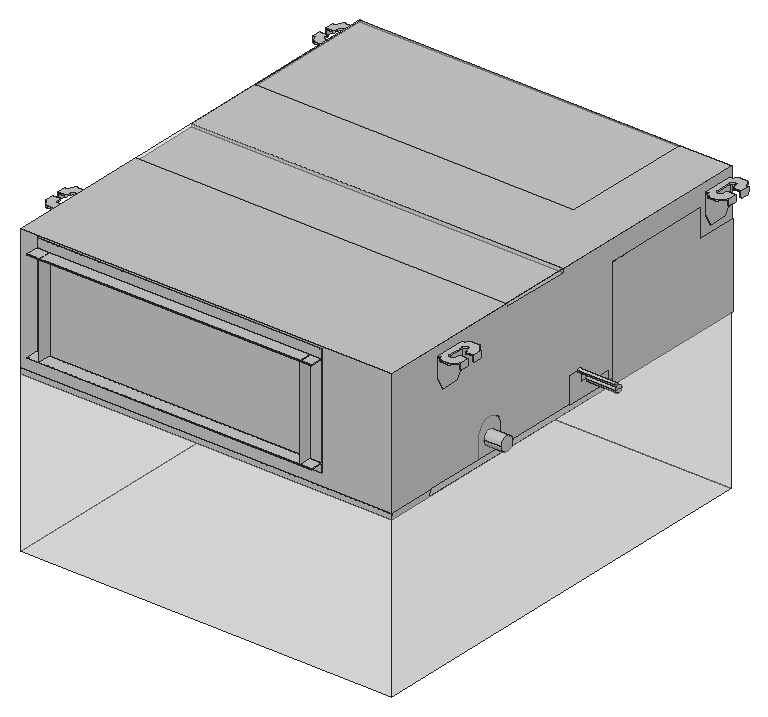
Revit family "outputfile", category 機械設備, Revit 2024
Family settings
  丸型コネクタ寸法 = 半径を使用
  パーツ タイプ = 標準
  OmniClass 番号 = 23.75.10.24.21.27.27
  OmniClass タイトル = Split System Air Conditioning Units
  作業面ベース = いいえ
  常に垂直 = はい
  ロード時にボイドで切り取り = いいえ
  注釈の向きを維持 = いいえ
  共有 = いいえ
  部屋計算ポイント = はい
Parameters (values of type "FXDBQ50AVMS")
  Description = ""
  書き出し IFC クラス(タイプ) = "IfcUnitaryEquipmentType"
  定義済み IFC タイプ(タイプ) = "AIRCONDITIONINGUNIT"
  Cost = 0
  Type Comments = ""
  Keynote = ""
  Type Image = (empty or 0)
  Assembly Code = ""
  lh_liquidpipe = [h***] + 60.0 mm  # 60.0 mm
  lh_RA [instance] = if(Rear Connection_Return Air, 125.25 mm + [h***], 245.0 mm + [h***])  # 125.25 mm
  ld_RA_length [instance] = if(Rear Connection_Return Air, 245.0 mm, 126.0 mm)  # 245.0 mm
  l_liquidpipe_length [instance] = 421.0 mm
  l_gaspipe_length [instance] = 408.0 mm
  l_drainpipe_length [instance] = 383.0 mm
  angle_vertica [instance] = 90.00°
  angle horizontal [instance] = if(Right Connection_refrigerant, 180.00°, 0.00°)  # 180.00°
  URL = ""
  Right Connection_refrigerant [instance] = yes
  製造元 = "Daikin"
  モデル = "FXDBQ50AVMS"
  w_pipe = 33.0 mm
  r_Liquid Pipe Size = Liquid Pipe Size / 2  # 3.2 mm
  r_Gas Pipe Size = Gas Pipe Size / 2  # 6.35 mm
  r_Drain Pipe Size = Drain Pipe Size / 2  # 12.5 mm
  lw_powersupply = 304.0 mm
  lw_ductflange2 = 602.0 mm
  lw_Width = 535.0 mm
  lh_suctionflange [instance] = 125.25 mm
  ld_suctionflange [instance] = if(Rear Connection_Return Air, 190.0 mm, 100.0 mm)  # 190.0 mm
  ld_powersupply = 60.0 mm
  angle_vertical_RA [instance] = if(Rear Connection_Return Air, 90.00°, 0.00°)  # 90.00°
  angle horizontal_RA [instance] = if(Rear Connection_Return Air, 180.00°, 270.00°)  # 180.00°
  Voltage_comment_50Hz = "220-240"
  Voltage_50Hz = 230 V
  Supply Air Direction [instance] = yes
  Sound Power Level_H speed (dB) = 0
  Rear Connection_Return Air [instance] = not(Bottom Connection_Return Air)  # yes
  RA_length [instance] = 245.0 mm  # constant formula
  Phase_50Hz = 1
  Minimum External Static Pressure = 15.00 Pa
  Minimum Circuit Amps_50Hz = 1.1 A
  Maximum Fuse Amps_50Hz = 16.0 A
  Maximum External Static Pressure = 50.00 Pa
  Material_Casing = DAIKIN_GalvanizedSteel_Casing_indoorunit
  lw_liquidpipe = 71.0 mm  # constant formula
  lw_gaspipe = 58.0 mm  # constant formula
  lw_mountinghole_pitch = 738.0 mm
  lw_mountinghole = 20.0 mm  # constant formula
  lw_drainpipe = 33.0 mm  # constant formula
  lh_powersupply = 10.0 mm
  lh_gaspipe = [h***] + 38.0 mm  # 38.0 mm
  lh_mountinghole = Height - 15.0 mm + [h***]  # 230.0 mm
  lh_drainpipe = 150.0 mm
  lh_antena = 16.0 mm  # constant formula
  ld_liquidpipe = 193.0 mm  # constant formula
  ld_gaspipe = 130.0 mm  # constant formula
  ld_mountinghole_pitch = 630.0 mm  # constant formula
  ld_drainpipe = 280.0 mm
  ld_controlbox = 626.0 mm  # constant formula
  h*** = 0.0 mm  # constant formula
  d_dischargeflange = 25.0 mm  # constant formula
  Width = 700.0 mm
  Version = "ver.1.0"
  Unit Type = "Bedroom Duct Type"
  Unit Mass Weight = 26.00 kg
  Unit Designation [instance] = ""
  Uniclass2015Version = "Products v1.30"
  Uniclass2015Title = "Variable refrigerant flow units"
  Uniclass2015Code = "Pr_70_65_03_94"
  Total Heating Capacity [instance] = 0.000 kW
  Total Cooling Capacity [instance] = 0.000 kW
  Sound Pressure Level_M speed (dBA) = 0
  Sound Pressure Level_L speed (dBA) = 28
  Sound Pressure Level_H speed (dBA) = 37
  Series = "VRV Fan Coil Unit"
  Sensible Cooling Capacity [instance] = 0.000 kW
  SA Duct Size Width = 490.0 mm
  SA Duct Size Height = 174.0 mm
  Refrigerant Type = "R410A"
  RA Duct Size Width = 562.0 mm
  RA Duct Size Height [instance] = if(Rear Connection_Return Air, 202.6 mm, 204.0 mm)  # 202.6 mm
  Power Input (Heating) = 0.080 kW
  Power Input (Cooling) = 0.080 kW
  Option Accessory 3 [instance] = ""
  Option Accessory 2 [instance] = ""
  Option Accessory 1 [instance] = ""
  Nominal Heating Capacity = 6.300 kW
  Nominal Cooling Capacity = 5.600 kW
  Minimum Airflow = 540.00 m³/h
  Median Airflow = 690.00 m³/h
  Maximum Airflow = 888.00 m³/h
  Load Classification = HVAC
  Liquid Pipe Size = 6.4 mm
  Link_Nested Family [instance] = ""
  Left Connection_refrigerant [instance] = no
  IfcVersion = "0"
  IfcExportType = "AIRCONDITIONINGUNIT"
  IfcExportAs = "IfcUnitaryEquipmentType"
  Height = 245.0 mm
  Heating Entering Wet Bulb Temperature [instance] = 0.00 °C
  Heating Entering Dry Bulb Temperature [instance] = 0.00 °C
  Heating Ambient Wet Bulb Temperature [instance] = 0.00 °C
  Heating Ambient Dry Bulb Temperature [instance] = 0.00 °C
  Heat Exchanger Type = "Cross Fin Coil"
  Gas Pipe Size = 12.7 mm
  Frequency_50Hz = 50 Hz
  Fan Type = "Sirocco Fan"
  Fan Drive = "Direct Drive"
  FCU Tag No. [instance] = ""
  Drain Pipe Size = 25.0 mm
  Design Supply Airflow [instance] = 0.00 m³/h
  Design Return Airflow [instance] = 0.00 m³/h
  Design External Static Pressure [instance] = 0.00 Pa
  Depth = 800.0 mm
  既定の高さ = 0.0 mm
  Cooling Entering Wet Bulb Temperature [instance] = 0.00 °C
  Cooling Entering Dry Bulb Temperature [instance] = 0.00 °C
  Cooling Ambient Wet Bulb Temperature [instance] = 0.00 °C
  Cooling Ambient Dry Bulb Temperature [instance] = 0.00 °C
  Clearance visibility [instance] = yes
  Clearance Top = 0.0 mm
  Clearance Right = 0.0 mm
  Clearance Rear = 0.0 mm
  Clearance Left = 0.0 mm
  Clearance Front = 0.0 mm
  Clearance Bottom = 300.0 mm
  Bottom Connection_Return Air [instance] = no
Reference planes
  plane 1 "Center (Front/Back)": y = 0
  plane 2: z = 0
  plane 3 "Center (Left/Right)": x = 0
  plane 4 "Back": y = 400
  plane 5 "Front": y = -400
  plane 6 "Left": x = -350
  plane 7 "Right": x = 350
  plane 8 "Top": z = 0
  plane 9 "Bottom": z = -245
  plane 10: x = 330
  plane 11: x = -330
  plane 12: z = -235
  plane 13: z = -6
  plane 14: z = -67
  plane 15: z = -185
  plane 16: z = -207
  plane 17: x = -304
  plane 18: x = 304
  plane 19: x = -369
  plane 20: x = 369
  plane 21: x = -389
  plane 22: x = 390
  plane 23: x = 421
  plane 24: x = 408
  plane 25: x = 383
  plane 26: z = -15
  plane 27: z = -95
  plane 28 "Clearance Left": x = -350
  plane 29 "Clearance Right": x = 350
  plane 30 "Clearance Rear": y = 400
  plane 31 "Clearance Front": y = -400
  plane 32 "Clearance Top": z = 0
  plane 33 "Clearance Bottom": z = -545
  plane 34: z = -21
  plane 35: z = -206
  plane 36: z = -141.5
  plane 37: x = -40
  plane 38: y = 61
  plane 39: y = 39
  plane 40: y = -30
  plane 41: y = -171
  plane 42: z = -97.5
  plane 43: y = -400
  plane 44: x = -349
  plane 45: z = -145
  plane 46: z = -355
  plane 47: y = 210
  plane 48: z = 331
  plane 49: z = -244
  plane 50: y = 210
  plane 51: z = -146
  plane 52: x = 383
  plane 53: x = 345
  plane 54: x = 355
  plane 55: x = 351
  plane 56: x = 251
  plane 57: x = 349.004
  plane 58: x = -349
  plane 59: x = 304
  plane 60: z = -108
  plane 61: z = -234
  plane 62: x = -317
  plane 63: z = -3
  plane 64: x = -49.5
  plane 65: z = -1
  plane 66: y = 155
  plane 67: x = -50
  plane 68: y = -266
  plane 69: y = 364
  plane 70: z = -15
  plane 71: z = -185
  plane 72: z = -207
  plane 73: x = -383
  plane 74: x = -351
  plane 75: x = -421
  plane 76: x = -408
  plane 77: y = 280.25
  plane 78: z = 125.25
  plane 79: y = 117.5
  plane 80: z = -36.4
  plane 81: y = 399
Forms (mm)
  Extrusion 1, solid
    sketch origin (0, 0, 0) x (1, 0, 0) y (0, 0, 1)
      loop
        line (-350, -235) -> (-350, -245) -> (350, -245) -> (350, -235) -> (-350, -235)
    from -116.5 to 310
  Extrusion 2, solid, material "DAIKIN_GalvanizedSteel_Casing_indoorunit" <- "Material_Casing"
    sketch origin (0, 0, 0) x (1, 0, 0) y (0, 1, 0)
      loop
        line (-350, -400) -> (350, -400) -> (350, 400) -> (-350, 400) -> (-350, -400)
    from -245 to 0
  Extrusion 3, void
    sketch origin (0, 0, 1) x (1, 0, 0) y (0, 1, 0)
      loop
        line (-350, -128.821) -> (350, -128.821) -> (350, 4.179) -> (-350, 4.179) -> (-350, -128.821)
    from -1 to -7
  Revolve 4, solid, material "DAIKIN_GalvanizedSteel_Casing_indoorunit" <- "Material_Casing"
    sketch origin (0, 0, -207) x (0, -1, 0) y (1, 0, 0)
      loop
        line (-67.35, 351) -> (-61, 351) -> (-61, 408) -> (-67.35, 408) -> (-67.35, 351)
      axis (-61, 351) -> (-61, 408)
    angle from 0 to 360
  Revolve 5, solid, material "DAIKIN_GalvanizedSteel_Casing_indoorunit" <- "Material_Casing"
    sketch origin (0, 0, -185) x (0, -1, 0) y (1, 0, 0)
      loop
        line (-39, 351) -> (-39, 421) -> (-42.2, 421) -> (-42.2, 351) -> (-39, 351)
      axis (-39, 421) -> (-39, 351)
    angle from 0 to 360
  Extrusion 6, solid, material "DAIKIN_GalvanizedSteel_Casing_indoorunit" <- "Material_Casing"
    sketch origin (0, 0, 0) x (0, 1, 0) y (0, 0, 1)
      loop
        circle (-171, -206) r 13
    from 383 to 349.004
  Extrusion 7, solid, material "DAIKIN_GalvanizedSteel_Casing_indoorunit" <- "Material_Casing"
    sketch origin (0, 0, 0) x (1, 0, 0) y (0, 0, 1)
      loop
        line (-350, -235) -> (-350, -245) -> (350, -245) -> (350, -235) -> (-350, -235)
    from -116.5 to 400
  Extrusion 8, void
    sketch origin (0, 0, 0) x (1, 0, 0) y (0, 0, 1)
      loop
        line (251, 0) -> (-349, 0) -> (-349, -1) -> (251, -1) -> (251, 0)
    from -400 to -152.5
  Extrusion 9, solid, material "DAIKIN_GalvanizedSteel_Casing_indoorunit" <- "Material_Casing", visible <- "Rear Connection_Return Air"
    sketch origin (0, 0, 0) x (1, 0, 0) y (0, 1, 0)
      loop
        line (-349, 400) -> (-349, 152.5) -> (251, 152.5) -> (251, 400) -> (-349, 400)
    from -245 to -244
  Extrusion 10, solid, material "DAIKIN_GalvanizedSteel_Casing_indoorunit" <- "Material_Casing", visible <- "Bottom Connection_Return Air"
    sketch origin (0, 0, 0) x (1, 0, 0) y (0, 0, 1)
      loop
        line (251, -1) -> (-349, -1) -> (-349, -245) -> (251, -245) -> (251, -1)
    from -400 to -399
  Extrusion 11, void
    sketch origin (0, 0, 0) x (0, 1, 0) y (0, 0, 1)
      loop
        arc (-143.5, -198.721) -> (-171, -171.221) -> (-198.5, -198.721) r 27.5
        line (-198.5, -198.721) -> (-198.5, -235) -> (-143.5, -235) -> (-143.5, -198.721)
    from 349.004 to 350
  Extrusion 12, solid, material "DAIKIN_GalvanizedSteel_Casing_indoorunit" <- "Material_Casing"
    sketch origin (0, 0, 0) x (0, 1, 0) y (0, 0, 1)
      loop
        line (35.8, -185) -> (16.8, -185) -> (16.8, -235) -> (107.3, -235) -> (107.3, -217) -> (67.3, -217) -> (67.3, -207)
        arc (67.3, -207) -> (60.975, -213.325) -> (54.65, -207) r 6.325
        line (54.65, -207) -> (42.2, -207) -> (42.2, -185)
        arc (42.2, -185) -> (39, -188.2) -> (35.8, -185) r 3.2
    from 350 to 351
  Extrusion 13, void
    sketch origin (0, 0, 0) x (0, 1, 0) y (0, 0, -1)
      loop
        line (-143.5, 198.721) -> (-143.5, 235) -> (-198.5, 235) -> (-198.5, 198.721)
        arc (-198.5, 198.721) -> (-171, 171.221) -> (-143.5, 198.721) r 27.5
    from 349 to 350
  Extrusion 14, solid, material "DAIKIN_GalvanizedSteel_Casing_indoorunit" <- "Material_Casing"
    sketch origin (0, 0, 0) x (0, 1, 0) y (0, 0, -1)
      loop
        circle (-171, 206) r 13
    from 383 to 349
  Extrusion 15, solid, material "DAIKIN_GalvanizedSteel_Casing_indoorunit" <- "Material_Casing"
    sketch origin (0, 0, 0) x (0, 1, 0) y (0, 0, -1)
      loop
        arc (35.8, 185) -> (39, 188.2) -> (42.2, 185) r 3.2
        line (42.2, 185) -> (42.2, 207) -> (54.65, 207)
        arc (54.65, 207) -> (60.975, 213.325) -> (67.3, 207) r 6.325
        line (67.3, 207) -> (67.3, 217) -> (107.3, 217) -> (107.3, 235) -> (16.8, 235) -> (16.8, 185) -> (35.8, 185)
    from 350 to 351
  Revolve 16, solid, material "DAIKIN_GalvanizedSteel_Casing_indoorunit" <- "Material_Casing"
    sketch origin (0, 0, -185) x (0, -1, 0) y (1, 0, 0)
      loop
        line (-39, -351) -> (-42.2, -351) -> (-42.2, -421) -> (-39, -421) -> (-39, -351)
      axis (-39, -421) -> (-39, -351)
    angle from 0 to 360
  Revolve 17, solid, material "DAIKIN_GalvanizedSteel_Casing_indoorunit" <- "Material_Casing"
    sketch origin (0, 0, -207) x (0, -1, 0) y (1, 0, 0)
      loop
        line (-67.35, -351) -> (-67.35, -408) -> (-61, -408) -> (-61, -351) -> (-67.35, -351)
      axis (-61, -351) -> (-61, -408)
    angle from 0 to 360
  Extrusion 18, solid, material "DAIKIN_GalvanizedSteel_Casing_indoorunit" <- "Material_Casing"
    sketch origin (0, 0, 0) x (0, 1, 0) y (0, 0, 1)
      loop
        line (117.5, -36.4) -> (117.5, -245) -> (400, -245) -> (400, -88) -> (322.4, -88) -> (322.4, -36.4) -> (117.5, -36.4)
    from 351 to 350
Cuts and joins
  Extrusion 3, Extrusion 8, Extrusion 11, Extrusion 13 cuts Extrusion 2
  Extrusion 8, Extrusion 11, Extrusion 13 cuts Extrusion 7
Dimensions and locks
  "lh_powersupply": plane 12 to plane 9 "Bottom"
  locked: plane 8 "Top" to plane 13 at 6
  "Height": plane 8 "Top" to plane 9 "Bottom"
  equal spacing: plane 17, plane 3 "Center (Left/Right)", plane 18, locked at 304 each
  locked: plane 17 to plane 18 at 608
  equal spacing: plane 19, plane 3 "Center (Left/Right)", plane 20
  "lw_mountinghole_pitch": plane 19 to plane 20
  locked: plane 14 to plane 9 "Bottom" at 178
  "lw_mountinghole": plane 21 to plane 19
  locked: plane 15 to plane 9 "Bottom" at 60
  "lh_gaspipe": plane 16 to plane 9 "Bottom"
  "lh_mountinghole": plane 26 to plane 9 "Bottom"
  equal spacing: plane 6 "Left", plane 3 "Center (Left/Right)", plane 7 "Right"
  "Width": plane 6 "Left" to plane 7 "Right"
  "lh_drainpipe": plane 27 to plane 9 "Bottom"
  "Clearance Right": plane 7 "Right" to plane 29 "Clearance Right"
  "Clearance Left": plane 28 "Clearance Left" to plane 6 "Left"
  "lw_gaspipe": plane 7 "Right" to plane 24
  "lw_liquidpipe": plane 7 "Right" to plane 23
  "lw_drainpipe": plane 7 "Right" to plane 25
  "Clearance Rear": plane 30 "Clearance Rear" to plane 4 "Back"
  "Clearance Front": plane 5 "Front" to plane 31 "Clearance Front"
  "Clearance Top": plane 32 "Clearance Top" to plane 8 "Top"
  "Clearance Bottom": plane 9 "Bottom" to plane 33 "Clearance Bottom"
  locked: plane 8 "Top" to plane 34 at 21
  locked: plane 8 "Top" to plane 35 at 206
  locked: plane 36 to plane 9 "Bottom" at 103.5
  locked: plane 34 to plane 42 at 76.5
  locked: plane 44 to plane 6 "Left" at 1
  locked: plane 12 to plane 45 at 90
  locked: plane 46 to plane 33 "Clearance Bottom" at 190
  plane 48 to plane 26 = 346.0 mm
  locked: plane 49 to plane 9 "Bottom" at 1
  "ld_suctionflange": plane 4 "Back" to plane 50
  locked: plane 51 to plane 9 "Bottom" at 99
  locked: plane 7 "Right" to plane 52 at 33
  locked: plane 53 to plane 7 "Right" at 5
  locked: plane 7 "Right" to plane 54 at 5
  locked: plane 7 "Right" to plane 55 at 1
  plane 7 "Right" to plane 56 = 99.0 mm
  locked: plane 7 "Right" to plane 57 at 0.996
  locked: plane 58 to plane 6 "Left" at 1
  "lw_powersupply": plane 3 "Center (Left/Right)" to plane 59
  locked: plane 61 to plane 9 "Bottom" at 11
  locked: plane 6 "Left" to plane 62 at 33
  locked: plane 8 "Top" to plane 63 at 3
  locked: plane 8 "Top" to plane 65 at 1
  plane 66 to plane 4 "Back" = 245.0 mm
  "ld_mountinghole_pitch": plane 69 to plane 68
  locked: plane 8 "Top" to plane 70 at 15
  "Depth": plane 4 "Back" to plane 43
  equal spacing: plane 4 "Back", plane 1 "Center (Front/Back)", plane 43, locked at 400 each
  locked: plane 31 "Clearance Front" to plane 41 at 229
  locked: plane 31 "Clearance Front" to plane 39 at 439
  locked: plane 39 to plane 38 at 22
  locked: plane 8 "Top" to plane 71 at 185
  locked: plane 71 to plane 72 at 22
  locked: plane 60 to plane 9 "Bottom" at 137
  plane 72 to plane 9 "Bottom" = 38.0 mm
  locked: plane 73 to plane 6 "Left" at 33
  locked: plane 74 to plane 6 "Left" at 1
  locked: plane 75 to plane 6 "Left" at 71
  locked: plane 76 to plane 6 "Left" at 58
  "r_Liquid Pipe Size": Revolve 5 sketch curve to Revolve 5 sketch curve
  "r_Gas Pipe Size": Revolve 4 sketch curve to Revolve 4 sketch curve
  "lh_suctionflange": plane 78 to level
  "r_Liquid Pipe Size": Revolve 16 sketch curve to Revolve 16 sketch curve
  "r_Gas Pipe Size": Revolve 17 sketch curve to Revolve 17 sketch curve
  locked: plane 68 to plane 43 at 134
  "ld_RA_length": plane 30 "Clearance Rear" to plane 66
  locked: plane 30 "Clearance Rear" to Extrusion 9 sketch curve at 247.5
  locked: plane 79 to plane 30 "Clearance Rear" at 282.5
  locked: plane 80 to plane 9 "Bottom" at 208.6
  locked: Extrusion 18 sketch curve to Extrusion 18 sketch curve at 51.6
  locked: Extrusion 18 sketch curve to nested 8 at 77.6
  locked: plane 4 "Back" to plane 81 at 1
  aligned and locked: level to plane 2
  aligned and locked: Extrusion 2 to plane 9 "Bottom"
  aligned and locked: plane 8 "Top" to Extrusion 2
  aligned and locked: Revolve 4 sketch curve to Revolve 4 sketch curve
  aligned and locked: plane 20 to nested 2
  aligned and locked: plane 19 to nested 3
  aligned and locked: plane 19 to nested 4
  aligned and locked: nested 7 to plane 12
  aligned and locked: Extrusion 7 to plane 9 "Bottom"
  aligned and locked: Extrusion 6 sketch curve to plane 41
  aligned and locked: plane 4 "Back" to Extrusion 8
  aligned and locked: plane 8 "Top" to Extrusion 3
  aligned and locked: plane 9 "Bottom" to Extrusion 9  (x2)
  aligned and locked: Extrusion 9 to plane 49
  aligned and locked: Extrusion 8 to level
  aligned and locked: plane 30 "Clearance Rear" to nested 8
  aligned and locked: plane 29 "Clearance Right" to nested 8
  aligned and locked: plane 28 "Clearance Left" to nested 8
  aligned and locked: nested 8 to plane 32 "Clearance Top"
  aligned and locked: nested 8 to plane 33 "Clearance Bottom"
  aligned and locked: Extrusion 3 to plane 13
  aligned and locked: plane 7 "Right" to cut or joined group of Extrusion 2, Extrusion 3, Extrusion 8, Extrusion 11, Extrusion 13  (x2)
  aligned and locked: plane 52 to Extrusion 6
  aligned and locked: plane 56 to Extrusion 8 sketch curve
  aligned and locked: Extrusion 9 to plane 56
  aligned and locked: cut or joined group of Extrusion 2, Extrusion 3, Extrusion 8, Extrusion 11, Extrusion 13 to plane 43
  aligned and locked: nested 7 to plane 59
  aligned and locked: nested 6 to plane 1 "Center (Front/Back)"
  aligned and locked: plane 3 "Center (Left/Right)" to nested 6
  aligned and locked: plane 60 to nested 5  (x2)
  aligned and locked: nested 10 to plane 62
  aligned and locked: nested 10 to plane 63
  aligned and locked: plane 64 to nested 5
  aligned and locked: nested 11 to plane 58
  aligned and locked: plane 4 "Back" to nested 11
  aligned and locked: plane 65 to nested 11
  aligned and locked: plane 4 "Back" to Extrusion 10
  aligned and locked: plane 65 to Extrusion 10
  aligned and locked: Extrusion 10 to plane 9 "Bottom"
  aligned and locked: Extrusion 10 to plane 56
  aligned and locked: plane 4 "Back" to nested 7
  aligned and locked: nested 13 to plane 68
  aligned and locked: plane 6 "Left" to nested 13
  aligned and locked: plane 68 to nested 12
  aligned and locked: nested 12 to plane 7 "Right"
  aligned and locked: nested 15 to plane 69
  aligned and locked: plane 6 "Left" to nested 15
  aligned and locked: plane 69 to nested 14
  aligned and locked: nested 14 to plane 7 "Right"
  aligned and locked: plane 70 to nested 13
  aligned and locked: plane 70 to nested 15
  aligned and locked: plane 20 to nested 1
  aligned and locked: nested 1 to plane 69
  aligned and locked: nested 4 to plane 69
  aligned and locked: nested 3 to plane 68
  aligned and locked: nested 2 to plane 68
  aligned and locked: cut or joined group of Extrusion 2, Extrusion 3, Extrusion 8, Extrusion 11, Extrusion 13 to plane 57
  aligned and locked: Extrusion 6 to plane 57
  aligned and locked: nested 5 to plane 64
  aligned and locked: nested 5 to plane 43
  aligned and locked: cut or joined group of Extrusion 7, Extrusion 8, Extrusion 11, Extrusion 13 to plane 43
  aligned and locked: plane 7 "Right" to Extrusion 12
  aligned and locked: plane 55 to Extrusion 12
  aligned and locked: plane 71 to Revolve 5
  aligned and locked: plane 72 to Revolve 4
  aligned and locked: plane 72 to Extrusion 12
  aligned and locked: Extrusion 12 to plane 12
  aligned and locked: plane 71 to Extrusion 12
  aligned and locked: cut or joined group of Extrusion 2, Extrusion 3, Extrusion 8, Extrusion 11, Extrusion 13 to plane 6 "Left"  (x2)
  aligned and locked: plane 58 to cut or joined group of Extrusion 2, Extrusion 3, Extrusion 8, Extrusion 11, Extrusion 13
  aligned and locked: plane 58 to Extrusion 14
  aligned and locked: Extrusion 14 to plane 73
  aligned and locked: plane 6 "Left" to Extrusion 15
  aligned and locked: Extrusion 15 to plane 74
  aligned and locked: Revolve 16 to plane 74
  aligned and locked: Revolve 16 to plane 75
  aligned and locked: Revolve 17 sketch curve to Revolve 17 sketch curve
  aligned and locked: Revolve 17 to plane 74
  aligned and locked: Revolve 17 to plane 76
  aligned and locked: nested 16 to plane 39
  aligned and locked: nested 17 to plane 38
  aligned and locked: nested 17 to plane 3 "Center (Left/Right)"
  aligned and locked: plane 71 to Revolve 16
  aligned and locked: plane 72 to Revolve 17
  aligned and locked: plane 43 to nested 10
  aligned and locked: nested 8 to plane 43
  aligned and locked: nested 18 to plane 41
  aligned and locked: plane 3 "Center (Left/Right)" to nested 18
  aligned and locked: plane 35 to nested 18
  aligned and locked: nested 9 to plane 67  (x2)
  aligned and locked: plane 70 to nested 12
  aligned and locked: plane 70 to nested 14
  aligned and locked: nested 9 to plane 66
  aligned and locked: plane 29 "Clearance Right" to Extrusion 18
  aligned and locked: plane 55 to Extrusion 18
  aligned and locked: plane 80 to Extrusion 18
  aligned and locked: plane 79 to Extrusion 18
  aligned and locked: nested 19 to plane 9 "Bottom"
  aligned and locked: nested 19 to plane 56
  aligned and locked: nested 19 to plane 81
  aligned and locked: level to plane 8 "Top"
Automatic sketch dimensions
  Extrusion 1 sketch curve to plane 6 "Left" = 0.0 mm
  Extrusion 1 sketch curve to plane 7 "Right" = 0.0 mm
  Extrusion 1 sketch curve to plane 9 "Bottom" = 0.0 mm
  Extrusion 1 sketch curve to plane 12 = 0.0 mm
  Extrusion 2 sketch curve to plane 4 "Back" = 0.0 mm
  Extrusion 2 sketch curve to plane 6 "Left" = 0.0 mm
  Extrusion 2 sketch curve to plane 7 "Right" = 0.0 mm
  Extrusion 2 sketch curve to plane 43 = 0.0 mm
  Extrusion 3 sketch curve to plane 6 "Left" = 0.0 mm
  Extrusion 3 sketch curve to plane 7 "Right" = 0.0 mm
  plane 41 to Extrusion 3 sketch curve = 42.179 mm
  Extrusion 3 sketch curve to plane 1 "Center (Front/Back)" = 4.179 mm
  Revolve 4 sketch curve to plane 24 = 0.0 mm
  Revolve 4 sketch curve to plane 38 = 0.0 mm
  Revolve 4 sketch curve to plane 55 = 0.0 mm
  plane 55 to Revolve 4 sketch curve = 1.003 mm
  plane 24 to Revolve 4 sketch curve = 1.003 mm
  Revolve 5 sketch curve to plane 39 = 0.0 mm  (x2)
  Revolve 5 sketch curve to plane 23 = 0.0 mm  (x2)
  Revolve 5 sketch curve to plane 55 = 0.0 mm  (x2)
  Extrusion 6 sketch curve to plane 35 = 0.0 mm
  Extrusion 7 sketch curve to plane 6 "Left" = 0.0 mm
  Extrusion 7 sketch curve to plane 7 "Right" = 0.0 mm
  Extrusion 7 sketch curve to plane 9 "Bottom" = 0.0 mm
  Extrusion 7 sketch curve to plane 12 = 0.0 mm
  Extrusion 9 sketch curve to plane 44 = 0.0 mm
  Extrusion 9 sketch curve to plane 4 "Back" = 0.0 mm
  Extrusion 9 sketch curve to plane 56 = 0.0 mm
  Extrusion 10 sketch curve to plane 44 = 0.0 mm
  Extrusion 10 sketch curve to plane 9 "Bottom" = 0.0 mm
  Extrusion 10 sketch curve to plane 56 = 0.0 mm
  Extrusion 10 sketch curve to plane 65 = 0.0 mm
  Extrusion 11 sketch curve to plane 12 = 0.0 mm
  Extrusion 11 sketch curve to plane 41 = 0.0 mm
  Extrusion 11 sketch curve to plane 41 = 27.5 mm
  plane 35 to Extrusion 11 sketch curve = 7.279 mm
  Extrusion 12 sketch curve to plane 15 = 0.0 mm
  Extrusion 12 sketch curve to plane 12 = 0.0 mm
  Extrusion 12 sketch curve to plane 39 = 0.0 mm
  Extrusion 12 sketch curve to plane 72 = 0.0 mm
  Extrusion 12 sketch curve to Extrusion 12 sketch curve = 3.2 mm
  Extrusion 12 sketch curve to plane 1 "Center (Front/Back)" = 16.8 mm
  Extrusion 12 sketch curve to plane 38 = 6.35 mm
  Extrusion 12 sketch curve to plane 38 = 0.025 mm
  Extrusion 12 sketch curve to Extrusion 12 sketch curve = 40.0 mm
  Extrusion 12 sketch curve to Extrusion 12 sketch curve = 10.0 mm
  Extrusion 13 sketch curve to plane 12 = 0.0 mm
  Extrusion 13 sketch curve to plane 41 = 0.0 mm
  Extrusion 13 sketch curve to plane 41 = 27.5 mm
  plane 35 to Extrusion 13 sketch curve = 7.279 mm
  Extrusion 14 sketch curve to plane 35 = 0.0 mm
  Extrusion 14 sketch curve to plane 41 = 0.0 mm
  Extrusion 15 sketch curve to plane 15 = 0.0 mm
  Extrusion 15 sketch curve to plane 12 = 0.0 mm
  Extrusion 15 sketch curve to plane 39 = 0.0 mm
  Extrusion 15 sketch curve to plane 72 = 0.0 mm
  Extrusion 15 sketch curve to Extrusion 15 sketch curve = 3.2 mm
  Extrusion 15 sketch curve to plane 1 "Center (Front/Back)" = 16.8 mm
  Extrusion 15 sketch curve to plane 38 = 6.35 mm
  Extrusion 15 sketch curve to plane 38 = 0.025 mm
  Extrusion 15 sketch curve to Extrusion 15 sketch curve = 40.0 mm
  Extrusion 15 sketch curve to Extrusion 15 sketch curve = 10.0 mm
  Revolve 16 sketch curve to plane 74 = 0.0 mm  (x2)
  Revolve 16 sketch curve to plane 75 = 0.0 mm  (x2)
  Revolve 16 sketch curve to plane 39 = 0.0 mm  (x2)
  Revolve 17 sketch curve to plane 74 = 0.0 mm
  Revolve 17 sketch curve to plane 38 = 0.0 mm
  plane 75 to Revolve 17 sketch curve = 13.0 mm
  Revolve 17 sketch curve to plane 74 = 1.003 mm
  Revolve 17 sketch curve to Revolve 17 sketch curve = 1.003 mm
  Extrusion 8 sketch curve to plane 44 = 0.0 mm
  Extrusion 8 sketch curve to level = 0.0 mm
  Extrusion 8 sketch curve to plane 65 = 0.0 mm
  Extrusion 18 sketch curve to plane 9 "Bottom" = 0.0 mm
  Extrusion 18 sketch curve to plane 79 = 0.0 mm
  Extrusion 18 sketch curve to plane 80 = 0.0 mm
  Extrusion 18 sketch curve to plane 4 "Back" = 0.0 mm
  radius of Extrusion 6 sketch curve = 13.0 mm
  radius of Extrusion 14 sketch curve = 13.0 mm
Nested families
  nested 1: "daikin_mountinghole" at (369, 364, -245), l_antenna <- "lh_antena", Link_Nested Family <- "Link_Nested Family", h_mountinghole <- "lh_mountinghole", type "daikin_mountinghole"
    with show yes, l_antenna 16.0 mm, h_mountinghole 230.0 mm, Link_Nested Family ""
  nested 2: "daikin_mountinghole" at (369, -266, -245), Link_Nested Family <- "Link_Nested Family", l_antenna <- "lh_antena", h_mountinghole <- "lh_mountinghole", type "daikin_mountinghole"
    with show yes, l_antenna 16.0 mm, h_mountinghole 230.0 mm, Link_Nested Family ""
  nested 3: "daikin_mountinghole" at (-369, -266, -245), l_antenna <- "lh_antena", Link_Nested Family <- "Link_Nested Family", h_mountinghole <- "lh_mountinghole", type "daikin_mountinghole"
    with show yes, l_antenna 16.0 mm, h_mountinghole 230.0 mm, Link_Nested Family ""
  nested 4: "daikin_mountinghole" at (-369, 364, -245), l_antenna <- "lh_antena", Link_Nested Family <- "Link_Nested Family", h_mountinghole <- "lh_mountinghole", type "daikin_mountinghole"
    with show yes, l_antenna 16.0 mm, h_mountinghole 230.0 mm, Link_Nested Family ""
  nested 5: "daikin_connector_rotate2" at (-49.5, -400, -108), length <- "d_dischargeflange", type "daikin_connector_rotate2"
    with radius 10.0 mm, length 25.0 mm, angle_vertical 90.00°, show_face no
  nested 6: "daikin_△_symbolicline" at (-75, -129.904, 245) x (-0.5, 0.866, 0) z (0, 0, 1), built-in parameter 1001364 <- "Height", visible <- "Supply Air Direction", type "daikin_△_symbolicline"
    with length 300.0 mm
  nested 7: "daikin_connector_rotate2" at (304, 340, -235) x (-1, 0, 0) z (0, 0, 1), built-in parameter 1001364 <- "lw_powersupply", length <- "ld_powersupply", type "daikin_connector_rotate2"
    with radius 10.0 mm, length 60.0 mm, angle_vertical 90.00°, show_face no
  nested 8: "daikin_clearancespace" at (0, 0, -272.381), visible <- "Clearance visibility", show <- "Clearance visibility", Link_Nested Family <- "Link_Nested Family", type "daikin_clearancespace"
    with width 700.0 mm, show yes, height 545.0 mm, depth 800.0 mm, Link_Nested Family ""
  nested 9: "daikin_connector_rotate3" at (-50, 155, -119.75), angle_vertical <- "angle_vertical_RA", angle_horizontal <- "angle horizontal_RA", length <- "RA_length", built-in parameter 1001364 <- "lh_RA", type "daikin_connector_rotate3"
    with show no, radius 10.0 mm, length 245.0 mm, angle_vertical 90.00°, angle_horizontal 180.00°
  nested 10: "daikin_ductflange_FXDBQ-AVMS" at (-49.5, -86.5, -385.201), width <- "lw_Width", material <- "Material_Casing", type "daikin_ductflange_FXDBQ-AVMS"
    with width 535.0 mm, material DAIKIN_GalvanizedSteel_Casing_indoorunit, height 176.0 mm, depth 25.0 mm
  nested 11: "daikin_ductflange_FXDBQ-AVMS2" at (-49, 400, -119.75), material <- "Material_Casing", visible <- "Rear Connection_Return Air", width <- "lw_ductflange2", rear <- "Rear Connection_Return Air", bottom <- "Bottom Connection_Return Air", type "daikin_ductflange_FXDBQ-AVMS2"
    with width 602.0 mm, rear yes, material DAIKIN_GalvanizedSteel_Casing_indoorunit, height 245.0 mm, depth 1.0 mm, bottom no, H2 18.5 mm, H1 202.5 mm
  nested 12: "daikin_hangerfixture_FXDBQ-AVMS" at (350, -266, -15) x (0, 1, 0) z (0, 0, 1), type "daikin_hangerfixture_FXDBQ-AVMS"
  nested 13: "daikin_hangerfixture_FXDBQ-AVMS" at (-350, -266, -15) x (0, -1, 0) z (0, 0, 1), type "daikin_hangerfixture_FXDBQ-AVMS"
  nested 14: "daikin_hangerfixture_FXDBQ-AVMS" at (350, 364, -15) x (0, 1, 0) z (0, 0, 1), type "daikin_hangerfixture_FXDBQ-AVMS"
  nested 15: "daikin_hangerfixture_FXDBQ-AVMS" at (-350, 364, -15) x (0, -1, 0) z (0, 0, 1), type "daikin_hangerfixture_FXDBQ-AVMS"
  nested 16: "daikin_connector_rotate3" at (0, 39, -185) x (0, -1, 0) z (0, 0, 1), radius <- "r_Liquid Pipe Size", angle_vertical <- "angle_vertica", length <- "l_liquidpipe_length", angle_horizontal <- "angle horizontal", type "daikin_connector_rotate3"
    with show no, radius 3.2 mm, length 421.0 mm, angle_vertical 90.00°, angle_horizontal 180.00°
  nested 17: "daikin_connector_rotate3" at (0, 61, -207) x (0, -1, 0) z (0, 0, 1), angle_vertical <- "angle_vertica", angle_horizontal <- "angle horizontal", length <- "l_gaspipe_length", radius <- "r_Gas Pipe Size", built-in parameter 1001364 <- "lh_gaspipe", type "daikin_connector_rotate3"
    with show no, radius 6.35 mm, length 408.0 mm, angle_vertical 90.00°, angle_horizontal 180.00°
  nested 18: "daikin_connector_rotate3" at (0, -171, -206) x (0, -1, 0) z (0, 0, 1), angle_vertical <- "angle_vertica", angle_horizontal <- "angle horizontal", length <- "l_drainpipe_length", radius <- "r_Drain Pipe Size", type "daikin_connector_rotate3"
    with show no, radius 12.5 mm, length 383.0 mm, angle_vertical 90.00°, angle_horizontal 180.00°
  nested 19: "daikin_ductflange_FXDBQ-AVMS2" at (-49, 274.75, -244) x (1, 0, 0) z (0, -1, 0), width <- "lw_ductflange2", material <- "Material_Casing", visible <- "Bottom Connection_Return Air", rear <- "Rear Connection_Return Air", bottom <- "Bottom Connection_Return Air", type "daikin_ductflange_FXDBQ-AVMS2"
    with width 602.0 mm, rear yes, material DAIKIN_GalvanizedSteel_Casing_indoorunit, height 245.0 mm, depth 1.0 mm, bottom no, H2 18.5 mm, H1 202.5 mm
Connectors
  hvac at (-49.5, -425, -108), driven by "SA Duct Size Height", driven by "SA Duct Size Width"
    settings: on nested 5, index 7, duct flow 0.00 m³/h, flow factor 0, pres drop 0.00 Pa, loss coef 0, conn angle 0.00°, conn width 490.0 mm, conn height 174.0 mm, conn diameter 609.6 mm, duct sys type 1, conn prof type 1, flow config 0, flow direction 2, loss method 4, conn ref index -1, conn util no, is conn primary yes, conn desc "SA Duct"
  electrical at (304, 400, -235), driven by "Load Classification"
    settings: on nested 7, index 9, voltage 0 V, apparent load 0 VA, apparent load phase1 0 VA, apparent load phase2 0 VA, apparent load phase3 0 VA, power factor 1, load classification "HVAC", number of poles 1, system type 30, power factor state 1, is connector primary yes, connector utility no, sub classification motor no, connector description "Power Supply"
  hvac at (-50, 400, -119.75), driven by "RA Duct Size Height", driven by "RA Duct Size Width"
    settings: on nested 9, index 10, duct flow 0.00 m³/h, flow factor 0, pres drop 0.00 Pa, loss coef 0, conn angle 0.00°, conn width 562.0 mm, conn height 202.6 mm, conn diameter 609.6 mm, duct sys type 2, conn prof type 1, flow config 0, flow direction 1, loss method 4, conn ref index -1, conn util no, is conn primary no, conn desc "RA Duct"
  piping at (408, 61, -207), diameter 12.7, driven by "r_Gas Pipe Size"
    settings: on nested 17, index 13, connector inside diameter 609.6 mm, connector length 0.0 mm, flow factor 0, pipe flow 0.00 m³/h, pressure drop 0.0 Pa, fitting loss kfactor 0, connector angle 0.00°, fixture units 0, engagement length 0.0 mm, angle of deflection 0.00°, flow configuration 1, flow direction 2, fitting loss method 0, system type 29, joint type 0, gender type 0, connector reference index -1, connector utility 0, adjustable connector no, is connector primary yes, connector description "Refrigerant Gas Piping"
  piping at (421, 39, -185), diameter 6.4, driven by "r_Liquid Pipe Size"
    settings: on nested 16, index 14, connector inside diameter 609.6 mm, connector length 0.0 mm, flow factor 0, pipe flow 0.00 m³/h, pressure drop 0.0 Pa, fitting loss kfactor 0, connector angle 0.00°, fixture units 0, engagement length 0.0 mm, angle of deflection 0.00°, flow configuration 1, flow direction 1, fitting loss method 0, system type 29, joint type 0, gender type 0, connector reference index -1, connector utility 0, adjustable connector no, is connector primary no, connector description "Refrigerant Liquid Piping"
  piping at (383, -171, -206), diameter 25, driven by "r_Drain Pipe Size"
    settings: on nested 18, index 15, connector inside diameter 609.6 mm, connector length 0.0 mm, flow factor 0, pipe flow 0.00 m³/h, pressure drop 0.0 Pa, fitting loss kfactor 0, connector angle 0.00°, fixture units 0, engagement length 0.0 mm, angle of deflection 0.00°, flow configuration 1, flow direction 2, fitting loss method 4, system type 16, joint type 0, gender type 0, connector reference index -1, connector utility 0, adjustable connector no, is connector primary no, connector description "Condensate Drain Piping"
Definition of nested family "daikin_clearancespace"
  Parameters (values of type "daikin_clearancespace")
    width [instance] = 1823.963 mm
    show [instance] = yes
    material = none
    height [instance] = 1359.762 mm
    depth [instance] = 880.0 mm
    Default Elevation = 0.0 mm
    Link_Nested Family [instance] = ""
  Reference planes
    plane 1 "Center (Front/Back)": y = 0
    plane 2 "Center (Elevation)": z = -0.119
    plane 3 "Center (Left/Right)": x = 0
    plane 4: y = 440
    plane 5: y = -440
    plane 6 "Right": x = 911.982
    plane 7 "Left": x = -911.982
    plane 8 "Top": z = 679.762
    plane 9 "Bottom": z = -680
  Forms (mm)
    Extrusion 1, solid, material <- "material", visible <- "show"
      sketch origin (0, 0, 0) x (1, 0, 0) y (0, 1, 0)
        loop
          line (-911.982, 440) -> (-911.982, -440) -> (911.982, -440) -> (911.982, 440) -> (-911.982, 440)
      from -680 to 679.762
  Lines and regions (mm)
    symbolic lines, visible <- "show"
      curve 1: line (911.982, 440, 0) -> (-911.982, 440, 0)
      curve 2: line (-911.982, 440, 0) -> (-911.982, -440, 0)
      curve 3: line (-911.982, -440, 0) -> (911.982, -440, 0)
      curve 4: line (911.982, -440, 0) -> (911.982, 440, 0)
      curve 5: line (911.982, 0, 679.762) -> (-911.982, 0, 679.762)
      curve 6: line (911.982, 0, -680) -> (911.982, 0, 679.762)
      curve 7: line (-911.982, 0, -680) -> (911.982, 0, -680)
      curve 8: line (-911.982, 0, 679.762) -> (-911.982, 0, -680)
      curve 9: line (0, 440, 679.762) -> (0, -440, 679.762)
      curve 10: line (0, -440, 679.762) -> (0, -440, -680)
      curve 11: line (0, 440, -680) -> (0, 440, 679.762)
      curve 12: line (0, -440, -680) -> (0, 440, -680)
  Dimensions and locks
    "width": plane 7 "Left" to plane 6 "Right"
    "depth": plane 4 to plane 5
    "height": plane 8 "Top" to plane 9 "Bottom"
    equal spacing: plane 7 "Left", plane 3 "Center (Left/Right)", plane 6 "Right"
    equal spacing: plane 4, plane 1 "Center (Front/Back)", plane 5
    equal spacing: plane 8 "Top", plane 2 "Center (Elevation)", plane 9 "Bottom"
    aligned and locked: level to plane 2 "Center (Elevation)"
    aligned and locked: Extrusion 1 sketch curve to plane 4
    aligned and locked: plane 7 "Left" to Extrusion 1 sketch curve
    aligned and locked: Extrusion 1 sketch curve to plane 5
    aligned and locked: Extrusion 1 sketch curve to plane 6 "Right"
    aligned and locked: plane 8 "Top" to Extrusion 1
    aligned and locked: curve 1 to Extrusion 1
    aligned and locked: curve 2 to Extrusion 1
    aligned and locked: curve 3 to Extrusion 1
    aligned and locked: curve 4 to Extrusion 1
    aligned and locked: curve 5 to Extrusion 1
    aligned and locked: curve 6 to Extrusion 1
    aligned and locked: curve 7 to Extrusion 1
    aligned and locked: curve 8 to Extrusion 1
    aligned and locked: curve 9 to Extrusion 1
    aligned and locked: curve 10 to Extrusion 1
    aligned and locked: curve 11 to Extrusion 1
    aligned and locked: curve 12 to Extrusion 1
    aligned and locked: Extrusion 1 to plane 9 "Bottom"
Definition of nested family "daikin_ductflange_FXDBQ-AVMS"
  Parameters (values of type "daikin_ductflange_FXDBQ-AVM")
    width [instance] = 535.0 mm
    material [instance] = none
    height [instance] = 176.0 mm
    depth [instance] = 25.0 mm
    Default Elevation = 0.0 mm
  Reference planes
    plane 1 "Center (Front/Back)": y = 0
    plane 2: z = 189.201
    plane 3 "Center (Left/Right)": x = 0
    plane 4: y = -313.5
    plane 5: x = -267.5
    plane 6: x = 267.5
    plane 7: y = -338.5
    plane 8: z = 365.201
    plane 9: z = 277.201
    plane 10: z = 364.201
    plane 11: z = 190.201
  Forms (mm)
    Extrusion 1, solid, material <- "material"
      sketch origin (0, 0, 189.201) x (1, 0, 0) y (0, 1, 0)
        loop
          line (-245, -338.5) -> (-245, -313.5) -> (-267.5, -313.5) -> (-267.5, -314.5) -> (-246, -314.5) -> (-246, -338.5) -> (-245, -338.5)
        loop
          line (245, -338.5) -> (246, -338.5) -> (246, -314.5) -> (267.5, -314.5) -> (267.5, -313.5) -> (245, -313.5) -> (245, -338.5)
      from 1 to 175
    Extrusion 2, solid, material <- "material"
      sketch origin (0, 0, 0) x (0, 1, 0) y (0, 0, 1)
        loop
          line (-338.5, 364.201) -> (-313.5, 364.201) -> (-313.5, 382.201) -> (-314.5, 382.201) -> (-314.5, 365.201) -> (-338.5, 365.201) -> (-338.5, 364.201)
        loop
          line (-313.5, 190.201) -> (-338.5, 190.201) -> (-338.5, 189.201) -> (-314.5, 189.201) -> (-314.5, 172.201) -> (-313.5, 172.201) -> (-313.5, 190.201)
      from -267.5 to 267.5
  Dimensions and locks
    plane 4 to plane 1 "Center (Front/Back)" = 313.5 mm
    "depth": plane 7 to plane 4
    equal spacing: plane 8, plane 9, level
    "height": plane 8 to level
    equal spacing: plane 6, plane 3 "Center (Left/Right)", plane 5
    "width": plane 6 to plane 5
    plane 5 to plane 6 = 535.0 mm
    locked: plane 8 to plane 10 at 1
    locked: plane 11 to level at 1
    locked: Extrusion 1 sketch curve to Extrusion 1 sketch curve at 1
    aligned and locked: level to plane 2
    aligned and locked: Extrusion 2 to plane 5
    aligned and locked: plane 6 to Extrusion 2
    aligned and locked: plane 10 to Extrusion 1
    aligned and locked: Extrusion 1 to plane 5  (x2)
    aligned and locked: plane 6 to Extrusion 1  (x2)
  Automatic sketch dimensions
    Extrusion 1 sketch curve to plane 5 = 0.0 mm
    Extrusion 1 sketch curve to plane 7 = 0.0 mm  (x2)
    Extrusion 1 sketch curve to plane 4 = 0.0 mm  (x2)
    Extrusion 1 sketch curve to plane 6 = 0.0 mm
    plane 5 to Extrusion 1 sketch curve = 21.5 mm
    Extrusion 1 sketch curve to Extrusion 1 sketch curve = 1.0 mm  (x2)
    Extrusion 1 sketch curve to plane 6 = 22.5 mm
    Extrusion 1 sketch curve to plane 4 = 1.0 mm
    Extrusion 2 sketch curve to plane 7 = 0.0 mm  (x2)
    Extrusion 2 sketch curve to level = 0.0 mm
    Extrusion 2 sketch curve to plane 8 = 0.0 mm
    Extrusion 2 sketch curve to plane 4 = 0.0 mm  (x2)
    Extrusion 2 sketch curve to plane 11 = 0.0 mm
    Extrusion 2 sketch curve to plane 10 = 0.0 mm
    Extrusion 2 sketch curve to plane 4 = 1.0 mm
    Extrusion 2 sketch curve to Extrusion 2 sketch curve = 1.0 mm
    Extrusion 2 sketch curve to level = 17.0 mm
    plane 8 to Extrusion 2 sketch curve = 17.0 mm
Definition of nested family "daikin_ductflange_FXDBQ-AVMS2"
  Parameters (values of type "daikin_ductflange_FXDBQ-AVM2")
    width [instance] = 602.0 mm
    material [instance] = none
    height [instance] = 245.0 mm
    depth [instance] = 1.0 mm
    bottom [instance] = no
    rear [instance] = yes
    H2 [instance] = if(rear, 18.5 mm, 20.5 mm)  # 18.5 mm
    H1 [instance] = if(rear, 202.5 mm, 204.0 mm)  # 202.5 mm
    Default Elevation = 0.0 mm
  Reference planes
    plane 1 "Center (Front/Back)": y = 0
    plane 2: z = 0
    plane 3 "Center (Left/Right)": x = 0
    plane 4: y = -1
    plane 5: x = -301
    plane 6: x = 301
    plane 7: z = 101.25
    plane 8: z = -101.25
    plane 9: z = 119.75
    plane 10: z = -125.25
    plane 11: x = -300
    plane 12: x = 300
  Forms (mm)
    Extrusion 1, solid, material <- "material"
      sketch origin (0, 0, 0) x (1, 0, 0) y (0, 0, 1)
        loop
          line (-300, -124.25) -> (300, -124.25) -> (300, 118.75) -> (-300, 118.75) -> (-300, -124.25)
        loop
          line (-282, 101.25) -> (-282, -101.25) -> (280, -101.25) -> (280, 101.25) -> (-282, 101.25)
      from 0 to 1
  Dimensions and locks
    equal spacing: plane 6, plane 3 "Center (Left/Right)", plane 5
    "width": plane 6 to plane 5
    plane 11 to plane 5 = 1.0 mm
    locked: plane 6 to plane 12 at 1
    locked: plane 9 to Extrusion 1 sketch curve at 1
    locked: Extrusion 1 sketch curve to plane 10 at 1
    locked: Extrusion 1 sketch curve to Extrusion 1 sketch curve at 18
    locked: Extrusion 1 sketch curve to Extrusion 1 sketch curve at 20
    "depth": plane 4 to plane 1 "Center (Front/Back)"
    locked: plane 8 to plane 10 at 24
    "H2": plane 9 to plane 7
    equal spacing: plane 7, level, plane 8
    "H1": plane 7 to plane 8
    aligned and locked: level to plane 2
    aligned and locked: Extrusion 1 to plane 4
    aligned and locked: Extrusion 1 sketch curve to plane 7
    aligned and locked: Extrusion 1 sketch curve to plane 8
  Automatic sketch dimensions
    Extrusion 1 sketch curve to plane 11 = 0.0 mm
    Extrusion 1 sketch curve to plane 12 = 0.0 mm
Definition of nested family "daikin_hangerfixture_FXDBQ-AVMS"
  Parameters (values of type "daikin_hangerfixture_FXDBQ-AVM")
    width = 56.0 mm
    material = none
    height = 60.0 mm
    depth = 2.0 mm
    Default Elevation = 0.0 mm
  Reference planes
    plane 1 "Center (Front/Back)": y = 0
    plane 2: z = 0
    plane 3 "Center (Left/Right)": x = 0
    plane 4: y = 417.146
    plane 5: y = -41.3
    plane 6: x = -28
    plane 7: x = 28
    plane 8: z = -2.3
    plane 9: z = -60
    plane 10: y = -2.3
    plane 11: z = -12
    plane 12: y = -39
  Forms (mm)
    Extrusion 1, solid, material <- "material"
      sketch origin (0, 0, 0) x (1, 0, 0) y (0, 0, 1)
        loop
          line (28, -39) -> (28, 0) -> (-28, 0) -> (-28, -39) -> (-16.5, -60) -> (16.5, -60) -> (28, -39)
      from 0 to 2.3
    Extrusion 2, solid, material <- "material"
      sketch origin (0, 0, 0) x (1, 0, 0) y (0, 0, 1)
        loop
          line (-6.5, -9) -> (-6.5, 0) -> (-23, 0) -> (-23, -9)
          arc (-23, -9) -> (-22.121, -11.121) -> (-20, -12) r 3
          line (-20, -12) -> (-9.5, -12)
          arc (-9.5, -12) -> (-7.379, -11.121) -> (-6.5, -9) r 3
        loop
          line (6.5, 0) -> (6.5, -9)
          arc (6.5, -9) -> (7.379, -11.121) -> (9.5, -12) r 3
          line (9.5, -12) -> (20, -12)
          arc (20, -12) -> (22.121, -11.121) -> (23, -9) r 3
          line (23, -9) -> (23, 0) -> (6.5, 0)
      from 39 to 41.3
    Extrusion 3, solid, material <- "material"
      sketch origin (0, 0, 0) x (1, 0, 0) y (0, 1, 0)
        loop
          line (-28, 0) -> (-28, -5.384)
          arc (-28, -5.384) -> (-29.236, -8.31) -> (-31.985, -9.901) r 5
          arc (-31.985, -9.901) -> (-34.858, -11.638) -> (-35.985, -14.8) r 5
          line (-35.985, -14.8) -> (-35.985, -27.18)
          arc (-35.985, -27.18) -> (-35.414, -29.501) -> (-33.831, -31.291) r 5
          line (-33.831, -31.291) -> (-23, -38.79) -> (-23, -41.3) -> (-6.5, -41.3) -> (-6.5, -28.5)
          arc (-6.5, -28.5) -> (-7.379, -26.379) -> (-9.5, -25.5) r 3
          line (-9.5, -25.5) -> (-13.5, -25.5)
          arc (-13.5, -25.5) -> (-20, -19) -> (-13.5, -12.5) r 6.5
          line (-13.5, -12.5) -> (13.5, -12.5)
          arc (13.5, -12.5) -> (20, -19) -> (13.5, -25.5) r 6.5
          line (13.5, -25.5) -> (9.5, -25.5)
          arc (9.5, -25.5) -> (7.379, -26.379) -> (6.5, -28.5) r 3
          line (6.5, -28.5) -> (6.5, -41.3) -> (23, -41.3) -> (23, -38.81) -> (33.861, -31.291)
          arc (33.861, -31.291) -> (35.444, -29.501) -> (36.015, -27.18) r 5
          line (36.015, -27.18) -> (36.015, -14.8)
          arc (36.015, -14.8) -> (34.888, -11.638) -> (32.015, -9.901) r 5
          arc (32.015, -9.901) -> (29.142, -8.164) -> (28.015, -5.002) r 5
          line (28.015, -5.002) -> (28.015, 0) -> (-28, 0)
      from -2.3 to 0
  Cuts and joins
    joined: Extrusion 1, Extrusion 2, Extrusion 3
  Dimensions and locks
    "width": plane 7 to plane 6
    equal spacing: plane 7, plane 3 "Center (Left/Right)", plane 6
    "height": plane 2 to plane 9
    locked: level to plane 11 at 12
    plane 5 to plane 1 "Center (Front/Back)" = 41.3 mm  (x2)
    locked: plane 12 to plane 5 at 2.3
    aligned and locked: level to plane 2
    aligned and locked: Extrusion 1 to plane 9
    aligned and locked: Extrusion 1 to plane 10
    aligned and locked: Extrusion 1 to plane 1 "Center (Front/Back)"
    aligned and locked: Extrusion 2 to plane 11  (x2)
    aligned and locked: plane 12 to Extrusion 2
    aligned and locked: Extrusion 2 to plane 5
    aligned and locked: Extrusion 3 to plane 8
  Automatic sketch dimensions
    Extrusion 2 sketch curve to level = 0.0 mm  (x2)
    Extrusion 2 sketch curve to plane 11 = 0.0 mm  (x2)
    plane 6 to Extrusion 2 sketch curve = 5.0 mm
    plane 11 to Extrusion 2 sketch curve = 3.0 mm  (x3)
    Extrusion 2 sketch curve to plane 3 "Center (Left/Right)" = 9.5 mm
    plane 3 "Center (Left/Right)" to Extrusion 2 sketch curve = 6.5 mm
    Extrusion 2 sketch curve to Extrusion 2 sketch curve = 10.5 mm
    Extrusion 2 sketch curve to plane 7 = 5.0 mm
    Extrusion 1 sketch curve to plane 6 = 0.0 mm
    Extrusion 1 sketch curve to plane 9 = 0.0 mm
    Extrusion 1 sketch curve to plane 7 = 0.0 mm
    Extrusion 1 sketch curve to level = 0.0 mm
    Extrusion 1 sketch curve to plane 7 = 11.5 mm
    plane 9 to Extrusion 1 sketch curve = 21.0 mm  (x2)
    plane 6 to Extrusion 1 sketch curve = 11.5 mm
    plane 1 "Center (Front/Back)" to Extrusion 3 sketch curve = 0.0 mm
    Extrusion 3 sketch curve to plane 6 = 0.0 mm
    Extrusion 3 sketch curve to plane 5 = 0.0 mm  (x2)
    Extrusion 3 sketch curve to plane 3 "Center (Left/Right)" = 13.5 mm
    Extrusion 3 sketch curve to Extrusion 3 sketch curve = 4.0 mm  (x2)
    Extrusion 3 sketch curve to plane 3 "Center (Left/Right)" = 6.5 mm
    plane 3 "Center (Left/Right)" to Extrusion 3 sketch curve = 6.5 mm
    Extrusion 3 sketch curve to Extrusion 3 sketch curve = 3.0 mm
    Extrusion 3 sketch curve to plane 7 = 5.0 mm
    plane 12 to Extrusion 3 sketch curve = 10.5 mm  (x2)
    Extrusion 3 sketch curve to Extrusion 3 sketch curve = 6.5 mm
    Extrusion 3 sketch curve to plane 10 = 3.084 mm
    Extrusion 3 sketch curve to plane 6 = 4.985 mm
    Extrusion 3 sketch curve to plane 10 = 2.702 mm  (x2)
    Extrusion 3 sketch curve to plane 6 = 3.985 mm
    Extrusion 3 sketch curve to plane 6 = 2.985 mm  (x2)
    Extrusion 3 sketch curve to Extrusion 3 sketch curve = 4.111 mm
    plane 12 to Extrusion 3 sketch curve = 0.21 mm
    Extrusion 3 sketch curve to Extrusion 3 sketch curve = 2.846 mm
    plane 12 to Extrusion 3 sketch curve = 7.709 mm
    plane 6 to Extrusion 3 sketch curve = 5.0 mm
    plane 7 to Extrusion 3 sketch curve = 0.015 mm
    Extrusion 3 sketch curve to Extrusion 3 sketch curve = 5.0 mm
    plane 7 to Extrusion 3 sketch curve = 4.015 mm
    plane 7 to Extrusion 3 sketch curve = 3.015 mm  (x2)
    Extrusion 3 sketch curve to Extrusion 3 sketch curve = 0.0 mm
    plane 12 to Extrusion 3 sketch curve = 11.82 mm
    Extrusion 3 sketch curve to Extrusion 3 sketch curve = 2.154 mm
    plane 12 to Extrusion 3 sketch curve = 0.19 mm
Definition of nested family "daikin_mountinghole"
  Parameters (values of type "daikin_mountinghole")
    Default Elevation = 1219.2 mm
    Type Comments = "mountinghole"
    show [instance] = yes
    material = none
    l_centerline = 100.0 mm
    l_antenna [instance] = 100.0 mm
    h_mountinghole [instance] = 0.0 mm
    d_circle = 30.0 mm
    Link_Nested Family [instance] = ""
  Reference planes
    plane 1 "Center (Front/Back)": y = 0
    plane 2: z = 0
    plane 3 "Center (Left/Right)": x = 0
    plane 4: y = 50
    plane 5: x = -50
    plane 6: x = 50
    plane 7: y = -50
    plane 8 "h_mountinghole": z = 0
    plane 9: z = 100
  Lines and regions (mm)
    model lines, detail levels fine
      curve 1: circle (0, 0, 0) r 15 normal (0, 0, 1)
      curve 2: line (-50, 0, 0) -> (50, 0, 0)
      curve 3: line (0, 50, 0) -> (0, -50, 0)
    symbolic lines, detail levels fine
      curve 4: circle (0, 0, 0) r 15 normal (0, 0, 1)
      curve 5: line (-50, 0, 0) -> (50, 0, 0)
      curve 6: line (0, 50, 0) -> (0, -50, 0)
    model lines
      curve 7: line (0, 0, 100) -> (0, 0, 0)
  Dimensions and locks
    equal spacing: plane 4, plane 1 "Center (Front/Back)", plane 7
    "l_centerline": plane 4 to plane 7
    equal spacing: plane 5, plane 3 "Center (Left/Right)", plane 6
    "l_centerline": plane 5 to plane 6
    "l_antenna": plane 9 to plane 8 "h_mountinghole"
    "h_mountinghole": plane 8 "h_mountinghole" to plane 2
    "d_circle": diameter of curve 1
    "d_circle": diameter of curve 4
    aligned and locked: level to plane 2
    aligned and locked: plane 1 "Center (Front/Back)" to curve 1
    aligned and locked: plane 3 "Center (Left/Right)" to curve 1
    aligned and locked: plane 1 "Center (Front/Back)" to curve 2
    aligned and locked: curve 3 to plane 3 "Center (Left/Right)"
    aligned and locked: plane 6 to curve 2
    aligned and locked: plane 5 to curve 2
    aligned and locked: plane 4 to curve 3
    aligned and locked: plane 7 to curve 3
    aligned and locked: plane 1 "Center (Front/Back)" to curve 4
    aligned and locked: plane 3 "Center (Left/Right)" to curve 4
    aligned and locked: plane 6 to curve 5
    aligned and locked: plane 5 to curve 5
    aligned and locked: plane 1 "Center (Front/Back)" to curve 5
    aligned and locked: plane 4 to curve 6
    aligned and locked: plane 7 to curve 6
    aligned and locked: curve 6 to plane 3 "Center (Left/Right)"
    aligned and locked: curve 7 to plane 3 "Center (Left/Right)"
    aligned and locked: plane 9 to curve 7
    aligned and locked: plane 8 "h_mountinghole" to curve 7
Definition of nested family "daikin_connector_rotate2"
  Parameters (values of type "daikin_connector_rotate2")
    show_face = yes
    radius [instance] = 10.0 mm
    length [instance] = 600.0 mm
    d_surface = 10.0 mm
    angle_vertical [instance] = 90.00°
    Default Elevation = 0.0 mm
  Reference planes
    plane 1 "Center (Front/Back)": y = 0
    plane 2: z = 0
    plane 3 "Center (Left/Right)": x = 0
  Forms (mm)
    Extrusion 1, solid, visible <- "show_face"
      sketch origin (0, -600, 0) x (1, 0, 0) y (0, 0, 1)
        loop
          circle (0, 0) r 10
      from 0 to -10
  Lines and regions (mm)
    reference lines
      curve 1: line (0, 0, 0) -> (0, -600, 0)
    symbolic lines
      curve 2: circle (0, 0, 0) r 5 normal (0, 0, 1)
    model lines, visible <- "show_face"
      curve 3: line (0, 0, 0) -> (0, -600, 0)
  Dimensions and locks
    "length": curve 1 to curve 1
    "length": curve 3 to curve 3
    "d_surface": Extrusion 1 to Extrusion 1
    "radius": radius of Extrusion 1 sketch curve
    "angle_vertical": angle curve 1 to plane 1 "Center (Front/Back)"
    "angle_vertical": angle curve 3 to plane 1 "Center (Front/Back)"
    aligned and locked: level to plane 2
    aligned and locked: plane 1 "Center (Front/Back)" to curve 1
    aligned and locked: plane 2 to curve 1
    aligned and locked: plane 1 "Center (Front/Back)" to curve 2
    aligned and locked: plane 3 "Center (Left/Right)" to curve 2
    aligned and locked: plane 1 "Center (Front/Back)" to curve 3
    aligned and locked: plane 2 to curve 3
    aligned and locked: Extrusion 1 to Extrusion 1
  Automatic sketch dimensions
    Extrusion 1 sketch curve to level = 0.0 mm
    Extrusion 1 sketch curve to plane 3 "Center (Left/Right)" = 0.0 mm
    radius of curve 2 = 5.0 mm
Definition of nested family "daikin_△_symbolicline"
  Parameters (values of type "daikin_△_symbolicline")
    length [instance] = 500.0 mm
    Default Elevation = 0.0 mm
  Reference planes
    plane 1 "Center (Front/Back)": y = 0
    plane 2: z = 0
    plane 3 "Center (Left/Right)": x = 0
  Lines and regions (mm)
    symbolic lines
      curve 1: line (0, -433.013, 0) -> (250, 0, 0)
      curve 2: line (250, 0, 0) -> (-250, 0, 0)
      curve 3: line (-250, 0, 0) -> (0, -433.013, 0)
  Dimensions and locks
    equal spacing: curve 3, plane 3 "Center (Left/Right)", curve 2
    "length": curve 3 to curve 2
    "length": curve 3 to curve 3
    "length": curve 1 to curve 1
    aligned and locked: level to plane 2
    aligned and locked: curve 2 to plane 1 "Center (Front/Back)"
    aligned and locked: plane 3 "Center (Left/Right)" to curve 3
Definition of nested family "daikin_connector_rotate3"
  Parameters (values of type "daikin_connector_rotate3")
    Default Elevation = 1219.2 mm
    show [instance] = yes
    radius [instance] = 10.0 mm
    length [instance] = 600.0 mm
    angle_horizontal [instance] = 60.00°
    angle_vertical [instance] = 90.00°
  Reference planes
    plane 1 "Center (Front/Back)": y = 0
    plane 2: z = 0
    plane 3 "Center (Left/Right)": x = 0
  Dimensions and locks
    "angle_horizontal": angle plane 3 "Center (Left/Right)" to nested 1
    aligned and locked: level to plane 2
    aligned and locked: plane 1 "Center (Front/Back)" to nested 1  (x2)
    aligned and locked: plane 3 "Center (Left/Right)" to nested 1
  Nested families
    nested 1: "daikin_connector_rotate2" at (0, 0, 0) x (0.5, 0.866, 0) z (0, 0, 1), angle_vertical <- "angle_vertical", length <- "length", radius <- "radius", type "daikin_connector_rotate2"
      with radius 10.0 mm, length 600.0 mm, angle_vertical 90.00°
  Definition of nested family "daikin_connector_rotate2"
    Parameters (values of type "daikin_connector_rotate2")
      show_face = yes
      radius [instance] = 10.0 mm
      length [instance] = 600.0 mm
      d_surface = 10.0 mm
      angle_vertical [instance] = 90.00°
      Default Elevation = 0.0 mm
    Reference planes
      plane 1 "Center (Front/Back)": y = 0
      plane 2: z = 0
      plane 3 "Center (Left/Right)": x = 0
    Forms (mm)
      Extrusion 1, solid, visible <- "show_face"
        sketch origin (0, -600, 0) x (1, 0, 0) y (0, 0, 1)
          loop
            circle (0, 0) r 10
        from 0 to -10
    Lines and regions (mm)
      reference lines
        curve 1: line (0, 0, 0) -> (0, -600, 0)
      symbolic lines
        curve 2: circle (0, 0, 0) r 5 normal (0, 0, 1)
      model lines, visible <- "show_face"
        curve 3: line (0, 0, 0) -> (0, -600, 0)
    Dimensions and locks
      "length": curve 1 to curve 1
      "length": curve 3 to curve 3
      "d_surface": Extrusion 1 to Extrusion 1
      "radius": radius of Extrusion 1 sketch curve
      "angle_vertical": angle curve 1 to plane 1 "Center (Front/Back)"
      "angle_vertical": angle curve 3 to plane 1 "Center (Front/Back)"
      aligned and locked: level to plane 2
      aligned and locked: plane 1 "Center (Front/Back)" to curve 1
      aligned and locked: plane 2 to curve 1
      aligned and locked: plane 1 "Center (Front/Back)" to curve 2
      aligned and locked: plane 3 "Center (Left/Right)" to curve 2
      aligned and locked: plane 1 "Center (Front/Back)" to curve 3
      aligned and locked: plane 2 to curve 3
      aligned and locked: Extrusion 1 to Extrusion 1
    Automatic sketch dimensions
      Extrusion 1 sketch curve to level = 0.0 mm
      Extrusion 1 sketch curve to plane 3 "Center (Left/Right)" = 0.0 mm
      radius of curve 2 = 5.0 mm
